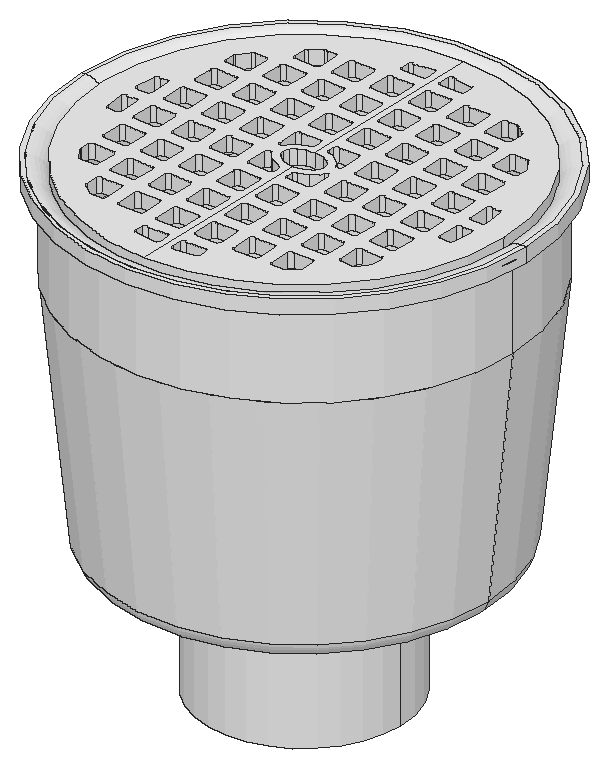
Revit family "Receptor_Sani-Flor_8_Inch_Round_6_Inch_Sump-Zurn-Z1960", category Plumbing Fixtures, Revit 2022 (continued)
Definition of nested family "Z1960-Grate"
  Lines and regions (in)
    symbolic lines, detail levels fine
      curve 543: line (1.89062, -1.48438, 0) -> (1.54687, -1.48438, 0)
      curve 544: arc (1.54687, -1.48438, 0) -> (1.50268, -1.50268, 0) -> (1.48437, -1.54688, 0) r 0.0625
      curve 545: line (1.48437, -1.54688, 0) -> (1.48437, -1.89063, 0)
      curve 546: arc (1.48437, -1.89063, 0) -> (1.50268, -1.93482, 0) -> (1.54687, -1.95313, 0) r 0.0625
      curve 547: line (1.54687, -1.95313, 0) -> (1.89062, -1.95313, 0)
      curve 548: arc (1.89062, -1.95313, 0) -> (1.93482, -1.93482, 0) -> (1.95312, -1.89063, 0) r 0.0625
      curve 549: line (1.95312, -1.89063, 0) -> (1.95312, -1.54688, 0)
      curve 550: arc (1.95312, -1.54688, 0) -> (1.93482, -1.50268, 0) -> (1.89062, -1.48438, 0) r 0.0625
      curve 551: line (3.08897, -0.10937, 0) -> (2.92187, -0.10937, 0)
      curve 552: arc (2.92187, -0.10937, 0) -> (2.87768, -0.12768, 0) -> (2.85937, -0.17187, 0) r 0.0625
      curve 553: arc (3.15138, -0.17535, 0) -> (3.13438, -0.12893, 0) -> (3.08897, -0.10937, 0) r 0.0625
      curve 554: arc (3.1121, -0.52604, 0) -> (3.13664, -0.35124, 0) -> (3.15138, -0.17535, 0) r 3.15625
      curve 555: line (2.85937, -0.17187, 0) -> (2.85937, -0.51562, 0)
      curve 556: arc (2.85937, -0.51562, 0) -> (2.87768, -0.55982, 0) -> (2.92187, -0.57812, 0) r 0.0625
      curve 557: arc (3.05048, -0.57812, 0) -> (3.09082, -0.56336, 0) -> (3.1121, -0.52604, 0) r 0.0625
      curve 558: line (2.92187, -0.57812, 0) -> (3.05048, -0.57812, 0)
      curve 559: arc (-0.33433, -0.28072, 0) -> (-0.40736, -0.21858, 0) -> (-0.46399, -0.1412, 0) r 0.4106
      curve 560: arc (-0.15812, -0.35652, 0) -> (-0.24968, -0.32664, 0) -> (-0.33433, -0.28072, 0) r 0.53073
      curve 561: arc (-0.10937, -0.41749, 0) -> (-0.12305, -0.37846, 0) -> (-0.15812, -0.35652, 0) r 0.0625
      curve 562: line (-0.10937, -0.51563, 0) -> (-0.10937, -0.41749, 0)
      curve 563: arc (-0.17188, -0.57814, 0) -> (-0.12768, -0.55983, 0) -> (-0.10937, -0.51563, 0) r 0.06251
      curve 564: line (-0.51566, -0.57814, 0) -> (-0.17188, -0.57814, 0)
      curve 565: arc (-0.5782, -0.51561, 0) -> (-0.55988, -0.55983, 0) -> (-0.51566, -0.57814, 0) r 0.06254
      curve 566: line (-0.5782, -0.17191, 0) -> (-0.5782, -0.51561, 0)
      curve 567: arc (-0.5159, -0.10961, 0) -> (-0.55995, -0.12786, 0) -> (-0.5782, -0.17191, 0) r 0.0623
      curve 568: arc (-0.46399, -0.1412, 0) -> (-0.48583, -0.11865, 0) -> (-0.5159, -0.10961, 0) r 0.06231
      curve 569: line (1.20312, -0.10937, 0) -> (0.85937, -0.10937, 0)
      curve 570: arc (0.85937, -0.10937, 0) -> (0.81518, -0.12768, 0) -> (0.79687, -0.17187, 0) r 0.0625
      curve 571: arc (1.26562, -0.17187, 0) -> (1.24732, -0.12768, 0) -> (1.20312, -0.10937, 0) r 0.0625
      curve 572: line (1.26562, -0.51562, 0) -> (1.26562, -0.17187, 0)
      curve 573: line (0.79687, -0.17187, 0) -> (0.79687, -0.51562, 0)
      curve 574: arc (0.79687, -0.51562, 0) -> (0.81518, -0.55982, 0) -> (0.85937, -0.57812, 0) r 0.0625
      curve 575: arc (1.20312, -0.57812, 0) -> (1.24732, -0.55982, 0) -> (1.26562, -0.51562, 0) r 0.0625
      curve 576: line (0.85937, -0.57812, 0) -> (1.20312, -0.57812, 0)
      curve 577: line (1.89062, -0.10938, 0) -> (1.54687, -0.10938, 0)
      curve 578: arc (1.54687, -0.10938, 0) -> (1.50268, -0.12768, 0) -> (1.48437, -0.17188, 0) r 0.0625
      curve 579: arc (1.95312, -0.17187, 0) -> (1.93482, -0.12768, 0) -> (1.89062, -0.10937, 0) r 0.0625
      curve 580: line (1.95312, -0.51563, 0) -> (1.95312, -0.17187, 0)
      curve 581: line (1.48437, -0.17188, 0) -> (1.48437, -0.51563, 0)
      curve 582: arc (1.48437, -0.51563, 0) -> (1.50268, -0.55982, 0) -> (1.54687, -0.57813, 0) r 0.0625
      curve 583: arc (1.89062, -0.57813, 0) -> (1.93482, -0.55982, 0) -> (1.95312, -0.51563, 0) r 0.0625
      curve 584: line (1.54687, -0.57813, 0) -> (1.89062, -0.57813, 0)
      curve 585: arc (2.23437, -0.10938, 0) -> (2.19018, -0.12768, 0) -> (2.17187, -0.17188, 0) r 0.0625
      curve 586: arc (2.64062, -0.17188, 0) -> (2.62232, -0.12768, 0) -> (2.57812, -0.10938, 0) r 0.0625
      curve 587: line (2.64062, -0.51563, 0) -> (2.64062, -0.17188, 0)
      curve 588: line (2.17187, -0.17188, 0) -> (2.17187, -0.51563, 0)
      curve 589: arc (2.17187, -0.51563, 0) -> (2.19018, -0.55982, 0) -> (2.23437, -0.57813, 0) r 0.0625
      curve 590: arc (2.57812, -0.57813, 0) -> (2.62232, -0.55982, 0) -> (2.64062, -0.51563, 0) r 0.0625
      curve 591: line (2.23437, -0.57813, 0) -> (2.57812, -0.57813, 0)
  Dimensions and locks (in)
    Revolve 1 sketch curve to plane 1 "Center (Front/Back)" = 3.99606"
    "A1": plane 4 to plane 1 "Center (Front/Back)"
    "A1": plane 1 "Center (Front/Back)" to plane 5
    locked: level to cut or joined group of Revolve 1, Extrusion 2 at 0.25  (x3)
    aligned and locked: level to plane 2
    aligned and locked: Revolve 1 to Extrusion 2
  Automatic sketch dimensions
    Revolve 1 sketch curve to level = 0.000"
    Revolve 1 sketch curve to plane 1 "Center (Front/Back)" = 0.000"  (x2)
    Extrusion 2 sketch curve to Extrusion 2 sketch curve = 0.000"  (x154)
    plane 1 "Center (Front/Back)" to Extrusion 2 sketch curve = 0.000"  (x5)
    Extrusion 2 sketch curve to plane 1 "Center (Front/Back)" = 0.17187"  (x3)
    Extrusion 2 sketch curve to plane 3 "Center (Left/Right)" = 3.08897"
    Extrusion 2 sketch curve to Extrusion 2 sketch curve = 0.03849"  (x2)
    Extrusion 2 sketch curve to Extrusion 2 sketch curve = 0.1671"  (x8)
    Extrusion 2 sketch curve to Extrusion 2 sketch curve = 0.1286"  (x8)
    Extrusion 2 sketch curve to Extrusion 2 sketch curve = 0.0625"  (x199)
    Extrusion 2 sketch curve to Extrusion 2 sketch curve = 0.28125"  (x3)
    Extrusion 2 sketch curve to Extrusion 2 sketch curve = 0.21875"  (x84)
    Extrusion 2 sketch curve to Extrusion 2 sketch curve = 0.12928"  (x5)
    Extrusion 2 sketch curve to Extrusion 2 sketch curve = 0.34375"  (x74)
    plane 1 "Center (Front/Back)" to Extrusion 2 sketch curve = 0.17187"  (x5)
    Extrusion 2 sketch curve to Extrusion 2 sketch curve = 0.21447"  (x8)
    Extrusion 2 sketch curve to plane 1 "Center (Front/Back)" = 0.10937"  (x6)
    Extrusion 2 sketch curve to Extrusion 2 sketch curve = 0.18049"  (x5)
    Extrusion 2 sketch curve to Extrusion 2 sketch curve = 0.16326"  (x8)
    plane 1 "Center (Front/Back)" to Extrusion 2 sketch curve = 0.10937"  (x3)
    Extrusion 2 sketch curve to Extrusion 2 sketch curve = 0.21868"  (x4)
    Extrusion 2 sketch curve to Extrusion 2 sketch curve = 0.21975"  (x4)
    Extrusion 2 sketch curve to Extrusion 2 sketch curve = 0.05998"  (x3)
    Extrusion 2 sketch curve to Extrusion 2 sketch curve = 0.00232"  (x4)
    Extrusion 2 sketch curve to Extrusion 2 sketch curve = 0.06254"  (x3)
    Extrusion 2 sketch curve to plane 3 "Center (Left/Right)" = 0.17188"  (x2)
    Extrusion 2 sketch curve to plane 3 "Center (Left/Right)" = 0.17187"  (x10)
    Extrusion 2 sketch curve to Extrusion 2 sketch curve = 0.00001"  (x2)
    Extrusion 2 sketch curve to plane 3 "Center (Left/Right)" = 0.17088"  (x4)
    Extrusion 2 sketch curve to Extrusion 2 sketch curve = 0.06251"  (x3)
    Extrusion 2 sketch curve to plane 3 "Center (Left/Right)" = 0.10659"  (x2)
    Extrusion 2 sketch curve to plane 3 "Center (Left/Right)" = 0.03996"  (x2)
    plane 3 "Center (Left/Right)" to Extrusion 2 sketch curve = 0.000"  (x3)
    plane 3 "Center (Left/Right)" to Extrusion 2 sketch curve = 0.03996"  (x2)
    plane 1 "Center (Front/Back)" to Extrusion 2 sketch curve = 0.06094"  (x2)
    plane 3 "Center (Left/Right)" to Extrusion 2 sketch curve = 0.10659"  (x2)
    Extrusion 2 sketch curve to plane 1 "Center (Front/Back)" = 0.06094"  (x2)
    plane 3 "Center (Left/Right)" to Extrusion 2 sketch curve = 0.10838"  (x2)
    plane 3 "Center (Left/Right)" to Extrusion 2 sketch curve = 0.10937"  (x8)
    Extrusion 2 sketch curve to Extrusion 2 sketch curve = 0.001"  (x4)
    Extrusion 2 sketch curve to Extrusion 2 sketch curve = 0.00004"  (x2)
    plane 1 "Center (Front/Back)" to Extrusion 2 sketch curve = 0.17191"  (x2)
    Extrusion 2 sketch curve to Extrusion 2 sketch curve = 0.00024"
    Extrusion 2 sketch curve to Extrusion 2 sketch curve = 0.35655"
    Extrusion 2 sketch curve to Extrusion 2 sketch curve = 0.3437"  (x3)
    Extrusion 2 sketch curve to Extrusion 2 sketch curve = 0.34373"
    Extrusion 2 sketch curve to Extrusion 2 sketch curve = 0.00002"  (x2)
    Extrusion 2 sketch curve to Extrusion 2 sketch curve = 0.21873"  (x4)
    Extrusion 2 sketch curve to Extrusion 2 sketch curve = 0.00003"  (x4)
    Extrusion 2 sketch curve to Extrusion 2 sketch curve = 0.09996"  (x2)
    Extrusion 2 sketch curve to plane 1 "Center (Front/Back)" = 0.17188"  (x2)
    Extrusion 2 sketch curve to Extrusion 2 sketch curve = 0.25659"
    Extrusion 2 sketch curve to Extrusion 2 sketch curve = 0.01375"  (x2)
    Extrusion 2 sketch curve to Extrusion 2 sketch curve = 0.10694"
    Extrusion 2 sketch curve to Extrusion 2 sketch curve = 0.00891"  (x4)
    Extrusion 2 sketch curve to Extrusion 2 sketch curve = 0.12674"
    Extrusion 2 sketch curve to Extrusion 2 sketch curve = 0.00227"  (x4)
    Extrusion 2 sketch curve to Extrusion 2 sketch curve = 0.06917"  (x3)
    Extrusion 2 sketch curve to Extrusion 2 sketch curve = 0.00009"  (x4)
    Extrusion 2 sketch curve to Extrusion 2 sketch curve = 0.0842"  (x2)
    Extrusion 2 sketch curve to Extrusion 2 sketch curve = 0.02564"
    Extrusion 2 sketch curve to plane 1 "Center (Front/Back)" = 0.08983"
    Extrusion 2 sketch curve to Extrusion 2 sketch curve = 0.00327"
    Extrusion 2 sketch curve to Extrusion 2 sketch curve = 0.06055"
    plane 1 "Center (Front/Back)" to Extrusion 2 sketch curve = 0.08983"  (x2)
    curve 1 to curve 33 = 0.000"
    curve 1 to curve 43 = 0.000"
    curve 1 to curve 109 = 0.000"
    curve 1 to curve 273 = 0.000"
    curve 1 to curve 382 = 0.000"
    curve 1 to curve 395 = 0.000"
    curve 1 to curve 399 = 0.000"  (x2)
    curve 9 to curve 202 = 0.000"
    curve 9 to curve 225 = 0.000"
    curve 9 to curve 259 = 0.000"
    curve 9 to curve 281 = 0.000"  (x2)
    curve 9 to curve 465 = 0.000"  (x2)
    curve 9 to curve 475 = 0.000"  (x2)
    curve 9 to curve 554 = 0.000"  (x2)
    curve 161 to curve 165 = 0.000"
    curve 164 to curve 176 = 0.000"
    curve 168 to curve 169 = 0.000"
    curve 172 to curve 173 = 0.000"  (x2)
    curve 202 to curve 225 = 0.000"
    curve 202 to curve 259 = 0.000"
    curve 202 to curve 475 = 0.000"
    plane 1 "Center (Front/Back)" to curve 164 = 0.000"
    plane 1 "Center (Front/Back)" to curve 554 = 0.000"
    curve 173 to plane 3 "Center (Left/Right)" = 0.000"
    plane 1 "Center (Front/Back)" to curve 169 = 0.000"
    curve 281 to plane 3 "Center (Left/Right)" = 0.000"
    curve 144 to plane 3 "Center (Left/Right)" = 0.03996"
    curve 560 to plane 3 "Center (Left/Right)" = 0.03996"
    curve 162 to curve 144 = 0.00227"
    curve 174 to curve 560 = 0.00227"
    curve 559 to plane 3 "Center (Left/Right)" = 0.10659"
    curve 143 to plane 3 "Center (Left/Right)" = 0.10659"
    curve 175 to curve 559 = 0.00009"
    curve 163 to curve 143 = 0.00009"
    curve 315 to plane 3 "Center (Left/Right)" = 0.10838"
    curve 75 to plane 3 "Center (Left/Right)" = 0.10838"
    curve 562 to plane 3 "Center (Left/Right)" = 0.10937"
    curve 146 to plane 3 "Center (Left/Right)" = 0.10937"
    curve 23 to plane 3 "Center (Left/Right)" = 0.10937"
    curve 275 to plane 3 "Center (Left/Right)" = 0.10937"
    curve 347 to plane 3 "Center (Left/Right)" = 0.10937"
    curve 80 to plane 3 "Center (Left/Right)" = 0.10937"
    curve 291 to plane 3 "Center (Left/Right)" = 0.10937"
    curve 7 to plane 3 "Center (Left/Right)" = 0.10937"
    curve 309 to curve 315 = 0.0625"
    curve 76 to curve 76 = 0.0625"
    curve 74 to curve 74 = 0.0625"
    curve 313 to curve 314 = 0.0625"
    curve 145 to curve 146 = 0.0625"
    curve 561 to curve 561 = 0.0625"
    curve 21 to curve 22 = 0.0625"
    curve 79 to curve 79 = 0.0625"
    curve 348 to curve 347 = 0.0625"
    curve 276 to curve 275 = 0.0625"
    curve 274 to curve 274 = 0.0625"
    curve 24 to curve 23 = 0.0625"
    curve 346 to curve 346 = 0.0625"
    curve 289 to curve 291 = 0.0625"
    curve 8 to curve 7 = 0.0625"
    curve 292 to curve 291 = 0.0625"
    curve 6 to curve 6 = 0.0625"
    curve 84 to curve 84 = 0.0625"
    curve 563 to curve 563 = 0.06251"
    curve 147 to curve 146 = 0.06251"
    curve 176 to curve 175 = 0.0981"
    curve 69 to curve 74 = 0.34375"
    curve 312 to curve 314 = 0.34375"
    curve 310 to curve 316 = 0.34375"
    curve 72 to curve 76 = 0.34375"
    curve 21 to curve 71 = 0.001"
    curve 272 to curve 274 = 0.34375"
    curve 285 to curve 312 = 0.001"
    curve 345 to curve 310 = 0.001"
    curve 18 to curve 24 = 0.34375"
    curve 270 to curve 272 = 0.000"
    curve 77 to curve 73 = 0.001"
    curve 2 to curve 8 = 0.34375"
    curve 341 to curve 341 = 0.34375"
    curve 4 to curve 2 = 0.000"
    curve 289 to curve 269 = 0.000"
    curve 83 to curve 84 = 0.34375"
    curve 148 to curve 83 = 0.00004"
    curve 564 to curve 341 = 0.00004"
    curve 141 to curve 149 = 0.00024"
    curve 567 to curve 142 = 0.000"
    curve 142 to curve 141 = 0.00232"
    curve 568 to curve 567 = 0.00232"
    curve 70 to curve 69 = 0.0625"
    curve 311 to curve 312 = 0.0625"
    curve 287 to curve 286 = 0.0625"
    curve 271 to curve 270 = 0.0625"
    curve 19 to curve 20 = 0.0625"
    curve 81 to curve 78 = 0.0625"
    curve 343 to curve 342 = 0.0625"
    curve 3 to curve 4 = 0.0625"
    curve 566 to curve 568 = 0.05998"
    curve 150 to curve 142 = 0.05998"
    curve 64 to curve 70 = 0.21975"
    curve 85 to curve 81 = 0.21875"
    curve 135 to curve 149 = 0.21868"
    curve 28 to curve 18 = 0.21875"
    curve 363 to curve 566 = 0.21868"
    curve 355 to curve 342 = 0.21875"
    curve 299 to curve 287 = 0.21875"
    curve 307 to curve 311 = 0.21975"
    curve 356 to curve 355 = 0.0625"
    curve 308 to curve 307 = 0.0625"
    curve 305 to curve 306 = 0.0625"
    curve 300 to curve 299 = 0.0625"
    curve 357 to curve 363 = 0.0625"
    curve 92 to curve 85 = 0.0625"
    curve 354 to curve 354 = 0.0625"
    curve 138 to curve 133 = 0.0625"
    curve 68 to curve 67 = 0.0625"
    curve 87 to curve 85 = 0.0625"
    curve 25 to curve 28 = 0.0625"
    curve 63 to curve 64 = 0.0625"
    curve 136 to curve 135 = 0.0625"
    curve 31 to curve 28 = 0.0625"
    curve 362 to curve 362 = 0.0625"
    curve 298 to curve 298 = 0.0625"
    curve 297 to curve 298 = 0.34375"
    curve 360 to curve 362 = 0.34375"
    curve 31 to curve 32 = 0.34375"
    curve 61 to curve 30 = 0.000"
    curve 26 to curve 27 = 0.34375"
    curve 301 to curve 301 = 0.34375"
    curve 136 to curve 134 = 0.34375"
    curve 66 to curve 62 = 0.000"
    curve 86 to curve 66 = 0.000"
    curve 90 to curve 136 = 0.000"
    curve 349 to curve 361 = 0.000"
    curve 138 to plane 1 "Center (Front/Back)" = 0.10937"
    curve 138 to curve 133 = 0.34375"
    curve 352 to curve 302 = 0.000"
    curve 358 to curve 139 = 0.000"
    curve 304 to curve 306 = 0.34375"
    curve 293 to curve 305 = 0.000"
    curve 89 to curve 88 = 0.0625"
    curve 295 to curve 294 = 0.0625"
    curve 303 to curve 304 = 0.0625"
    curve 140 to curve 139 = 0.0625"
    curve 351 to curve 352 = 0.0625"
    curve 65 to curve 66 = 0.0625"
    curve 359 to curve 358 = 0.0625"
    curve 29 to curve 26 = 0.0625"
    curve 39 to curve 30 = 0.21875"
    curve 408 to curve 295 = 0.21875"
    curve 129 to curve 140 = 0.21875"
    curve 331 to curve 350 = 0.21875"
    curve 323 to curve 303 = 0.21875"
    curve 56 to curve 65 = 0.21875"
    curve 371 to curve 359 = 0.21875"
    curve 96 to curve 90 = 0.21875"
    curve 370 to curve 370 = 0.0625"
    curve 55 to curve 55 = 0.0625"
    curve 317 to curve 324 = 0.0625"
    curve 131 to curve 130 = 0.0625"
    curve 127 to curve 128 = 0.0625"
    curve 365 to curve 371 = 0.0625"
    curve 321 to curve 322 = 0.0625"
    curve 325 to curve 332 = 0.0625"
    curve 329 to curve 330 = 0.0625"
    curve 41 to curve 40 = 0.0625"
    curve 59 to curve 56 = 0.0625"
    curve 407 to curve 407 = 0.0625"
    curve 38 to curve 38 = 0.0625"
    curve 406 to curve 406 = 0.0625"
    curve 93 to curve 95 = 0.0625"
    curve 99 to curve 99 = 0.0625"
    curve 404 to curve 407 = 0.16326"
    curve 41 to curve 41 = 0.16326"
    curve 402 to curve 406 = 0.34375"
    curve 94 to curve 95 = 0.34375"
    curve 368 to curve 370 = 0.34375"
    curve 34 to curve 42 = 0.18049"
    curve 401 to curve 402 = 0.000"
    curve 328 to curve 330 = 0.34375"
    curve 37 to curve 34 = 0.000"
    curve 98 to curve 99 = 0.34375"
    curve 60 to curve 94 = 0.000"
    curve 326 to curve 368 = 0.000"
    curve 126 to curve 98 = 0.000"
    curve 317 to curve 328 = 0.000"
    curve 321 to curve 402 = 0.000"
    plane 1 "Center (Front/Back)" to curve 366 = 0.17187"
    curve 366 to curve 372 = 0.34375"
    curve 53 to curve 36 = 0.000"
    curve 131 to plane 1 "Center (Front/Back)" = 0.10937"
    curve 131 to curve 366 = 0.000"
    curve 367 to curve 366 = 0.0625"
    curve 125 to curve 132 = 0.0625"
    curve 57 to curve 54 = 0.0625"
    curve 400 to curve 401 = 0.0625"
    curve 319 to curve 318 = 0.0625"
    curve 327 to curve 326 = 0.0625"
    curve 97 to curve 94 = 0.0625"
    curve 35 to curve 36 = 0.0625"
    curve 105 to curve 98 = 0.21875"
    curve 121 to curve 132 = 0.21875"
    curve 393 to curve 318 = 0.21875"
    curve 339 to curve 326 = 0.21875"
    curve 47 to curve 54 = 0.21875"
    curve 377 to curve 366 = 0.21875"
    curve 379 to curve 377 = 0.0625"
    curve 397 to curve 393 = 0.0625"
    curve 389 to curve 391 = 0.0625"
    curve 337 to curve 338 = 0.0625"
    curve 340 to curve 339 = 0.0625"
    curve 49 to curve 47 = 0.0625"
    curve 108 to curve 105 = 0.0625"
    curve 376 to curve 376 = 0.0625"
    curve 46 to curve 46 = 0.0625"
    curve 122 to curve 121 = 0.0625"
    curve 120 to curve 120 = 0.0625"
    curve 102 to curve 102 = 0.0625"
    curve 396 to curve 397 = 0.21447"
    curve 44 to curve 46 = 0.21447"
    curve 379 to curve 378 = 0.34375"
    curve 101 to curve 102 = 0.34375"
    plane 1 "Center (Front/Back)" to curve 374 = 0.17187"
    curve 374 to curve 380 = 0.000"
    curve 124 to curve 375 = 0.000"
    curve 107 to curve 103 = 0.000"
    curve 119 to curve 107 = 0.000"
    curve 50 to curve 101 = 0.000"
    curve 337 to curve 338 = 0.34375"
    curve 333 to curve 379 = 0.000"
    curve 394 to curve 396 = 0.12928"
    curve 52 to curve 50 = 0.000"
    curve 390 to curve 394 = 0.000"
    curve 335 to curve 336 = 0.0625"
    curve 392 to curve 390 = 0.0625"
    curve 51 to curve 52 = 0.0625"
    curve 117 to curve 124 = 0.0625"
    curve 373 to curve 380 = 0.0625"
    curve 104 to curve 103 = 0.0625"
    curve 113 to curve 124 = 0.21875"
    curve 386 to curve 373 = 0.21875"
    curve 388 to curve 386 = 0.0625"
    curve 111 to curve 112 = 0.0625"
    curve 385 to curve 385 = 0.0625"
    curve 115 to curve 114 = 0.0625"
    curve 111 to curve 111 = 0.1286"
    curve 384 to curve 385 = 0.1286"
    curve 115 to plane 1 "Center (Front/Back)" = 0.10937"
    curve 115 to curve 114 = 0.1671"
    curve 388 to curve 387 = 0.1671"
    plane 3 "Center (Left/Right)" to curve 173 = 0.000"
    plane 3 "Center (Left/Right)" to curve 33 = 0.000"
    plane 3 "Center (Left/Right)" to curve 161 = 0.000"
    plane 3 "Center (Left/Right)" to curve 159 = 0.03996"
    plane 3 "Center (Left/Right)" to curve 486 = 0.03996"
    curve 486 to curve 171 = 0.00227"
    curve 159 to curve 166 = 0.00227"
    plane 3 "Center (Left/Right)" to curve 485 = 0.10659"
    plane 3 "Center (Left/Right)" to curve 158 = 0.10659"
    curve 485 to curve 170 = 0.00009"
    curve 158 to curve 167 = 0.00009"
    plane 3 "Center (Left/Right)" to curve 529 = 0.10838"
    plane 3 "Center (Left/Right)" to curve 238 = 0.10838"
    plane 3 "Center (Left/Right)" to curve 488 = 0.10937"
    plane 3 "Center (Left/Right)" to curve 151 = 0.10937"
    plane 3 "Center (Left/Right)" to curve 15 = 0.10937"
    plane 3 "Center (Left/Right)" to curve 419 = 0.10937"
    plane 3 "Center (Left/Right)" to curve 283 = 0.10937"
    plane 3 "Center (Left/Right)" to curve 499 = 0.10937"
    plane 3 "Center (Left/Right)" to curve 213 = 0.10937"
    plane 3 "Center (Left/Right)" to curve 454 = 0.10937"
    curve 236 to curve 236 = 0.0625"
    curve 528 to curve 527 = 0.0625"
    curve 530 to curve 530 = 0.0625"
    curve 241 to curve 242 = 0.0625"
    curve 487 to curve 487 = 0.0625"
    curve 151 to curve 160 = 0.0625"
    curve 210 to curve 209 = 0.0625"
    curve 282 to curve 282 = 0.0625"
    curve 16 to curve 16 = 0.0625"
    curve 496 to curve 496 = 0.0625"
    curve 500 to curve 501 = 0.0625"
    curve 14 to curve 14 = 0.0625"
    curve 450 to curve 449 = 0.0625"
    curve 420 to curve 421 = 0.0625"
    curve 418 to curve 418 = 0.0625"
    curve 213 to curve 215 = 0.0625"
    curve 284 to curve 284 = 0.0625"
    curve 454 to curve 455 = 0.0625"
    curve 152 to curve 152 = 0.06251"
    curve 489 to curve 490 = 0.06251"
    curve 167 to curve 169 = 0.0981"
    curve 527 to curve 527 = 0.34375"
    curve 530 to curve 532 = 0.34375"
    curve 241 to curve 242 = 0.34375"
    curve 237 to curve 240 = 0.000"
    curve 242 to curve 497 = 0.001"
    curve 210 to curve 211 = 0.34375"
    curve 534 to curve 422 = 0.001"
    curve 417 to curve 417 = 0.34375"
    curve 235 to curve 215 = 0.001"
    curve 456 to curve 456 = 0.34375"
    curve 532 to curve 451 = 0.001"
    curve 277 to curve 453 = 0.000"
    curve 13 to curve 211 = 0.000"
    curve 280 to curve 278 = 0.000"
    curve 10 to curve 12 = 0.000"
    curve 501 to curve 501 = 0.34375"
    curve 424 to curve 490 = 0.00004"
    curve 502 to curve 154 = 0.00004"
    plane 1 "Center (Front/Back)" to curve 493 = 0.17191"
    curve 491 to curve 493 = 0.00024"
    curve 156 to curve 494 = 0.000"
    curve 156 to curve 157 = 0.00232"
    curve 493 to curve 494 = 0.00232"
    curve 532 to curve 533 = 0.0625"
    curve 240 to curve 239 = 0.0625"
    curve 502 to curve 498 = 0.0625"
    curve 280 to curve 279 = 0.0625"
    curve 422 to curve 423 = 0.0625"
    curve 453 to curve 452 = 0.0625"
    curve 211 to curve 212 = 0.0625"
    curve 10 to curve 11 = 0.0625"
    curve 491 to curve 492 = 0.06254"
    curve 154 to curve 155 = 0.06254"
    curve 422 to curve 411 = 0.21875"
    curve 451 to curve 461 = 0.21875"
    curve 239 to curve 247 = 0.21975"
    curve 492 to curve 573 = 0.21868"
    curve 178 to plane 1 "Center (Front/Back)" = 0.17187"
    curve 155 to curve 178 = 0.21868"
    curve 498 to curve 507 = 0.21875"
    curve 532 to curve 537 = 0.21975"
    curve 211 to curve 221 = 0.21875"
    curve 222 to curve 222 = 0.0625"
    curve 220 to curve 220 = 0.0625"
    curve 537 to curve 538 = 0.0625"
    curve 177 to curve 181 = 0.0625"
    curve 573 to curve 574 = 0.0625"
    curve 461 to curve 462 = 0.0625"
    curve 248 to curve 248 = 0.0625"
    curve 504 to curve 504 = 0.0625"
    curve 508 to curve 509 = 0.0625"
    curve 458 to curve 457 = 0.0625"
    curve 536 to curve 536 = 0.0625"
    curve 411 to curve 409 = 0.0625"
    curve 570 to curve 570 = 0.0625"
    curve 411 to curve 412 = 0.0625"
    curve 179 to curve 180 = 0.0625"
    curve 243 to curve 243 = 0.0625"
    curve 243 to curve 244 = 0.34375"
    curve 410 to curve 416 = 0.34375"
    curve 536 to curve 535 = 0.34375"
    curve 414 to curve 542 = 0.000"
    curve 458 to curve 457 = 0.34375"
    curve 509 to curve 509 = 0.34375"
    curve 503 to curve 503 = 0.34375"
    curve 224 to curve 244 = 0.000"
    curve 183 to plane 1 "Center (Front/Back)" = 0.17187"
    curve 179 to curve 183 = 0.34375"
    curve 576 to curve 416 = 0.000"
    curve 220 to curve 219 = 0.34375"
    curve 182 to curve 184 = 0.0625"
    curve 539 to curve 459 = 0.000"
    curve 571 to curve 183 = 0.000"
    curve 462 to curve 463 = 0.34375"
    curve 250 to curve 505 = 0.000"
    curve 459 to curve 460 = 0.0625"
    curve 505 to curve 506 = 0.0625"
    curve 542 to curve 541 = 0.0625"
    curve 575 to curve 572 = 0.0625"
    curve 245 to curve 246 = 0.0625"
    curve 223 to curve 217 = 0.0625"
    curve 414 to curve 415 = 0.0625"
    curve 575 to curve 581 = 0.21875"
    curve 217 to curve 233 = 0.21875"
    curve 540 to curve 545 = 0.21875"
    curve 246 to curve 251 = 0.21875"
    curve 182 to curve 185 = 0.21875"
    curve 415 to curve 435 = 0.21875"
    curve 460 to curve 474 = 0.21875"
    curve 505 to curve 515 = 0.21875"
    curve 582 to curve 584 = 0.0625"
    curve 516 to curve 516 = 0.0625"
    curve 185 to curve 192 = 0.0625"
    curve 233 to curve 231 = 0.0625"
    curve 233 to curve 234 = 0.0625"
    curve 474 to curve 468 = 0.0625"
    curve 251 to curve 255 = 0.0625"
    curve 512 to curve 512 = 0.0625"
    curve 546 to curve 547 = 0.0625"
    curve 186 to curve 186 = 0.0625"
    curve 473 to curve 472 = 0.0625"
    curve 436 to curve 437 = 0.0625"
    curve 434 to curve 434 = 0.0625"
    curve 578 to curve 578 = 0.0625"
    curve 545 to curve 543 = 0.0625"
    curve 253 to curve 253 = 0.0625"
    curve 468 to curve 468 = 0.16326"
    curve 234 to curve 227 = 0.16326"
    curve 190 to plane 1 "Center (Front/Back)" = 0.17187"
    curve 192 to curve 190 = 0.34375"
    curve 253 to curve 258 = 0.34375"
    curve 186 to curve 188 = 0.34375"
    curve 256 to curve 258 = 0.000"
    curve 546 to curve 547 = 0.34375"
    curve 577 to curve 190 = 0.000"
    curve 543 to curve 543 = 0.34375"
    curve 437 to curve 550 = 0.000"
    curve 472 to curve 548 = 0.000"
    curve 511 to curve 254 = 0.000"
    curve 518 to curve 188 = 0.000"
    curve 466 to curve 471 = 0.000"
    curve 433 to curve 433 = 0.34375"
    curve 583 to curve 433 = 0.000"
    curve 231 to curve 255 = 0.000"
    curve 228 to curve 230 = 0.000"
    curve 579 to curve 580 = 0.0625"
    curve 550 to curve 549 = 0.0625"
    curve 256 to curve 257 = 0.0625"
    curve 190 to curve 189 = 0.0625"
    curve 228 to curve 229 = 0.0625"
    curve 471 to curve 470 = 0.0625"
    curve 518 to curve 514 = 0.0625"
    curve 438 to curve 439 = 0.0625"
    curve 580 to curve 443 = 0.21875"
    curve 189 to curve 195 = 0.21875"
    curve 438 to curve 427 = 0.21875"
    curve 257 to curve 266 = 0.21875"
    curve 513 to curve 523 = 0.21875"
    curve 550 to curve 479 = 0.21875"
    curve 480 to curve 481 = 0.0625"
    curve 265 to curve 264 = 0.0625"
    curve 267 to curve 268 = 0.0625"
    curve 524 to curve 525 = 0.0625"
    curve 478 to curve 478 = 0.0625"
    curve 444 to curve 591 = 0.0625"
    curve 193 to curve 193 = 0.0625"
    curve 426 to curve 425 = 0.0625"
    curve 198 to curve 200 = 0.0625"
    curve 442 to curve 585 = 0.0625"
    curve 427 to curve 428 = 0.0625"
    curve 520 to curve 520 = 0.0625"
    curve 267 to curve 260 = 0.21447"
    curve 477 to curve 477 = 0.21447"
    curve 442 to curve 448 = 0.34375"
    curve 265 to curve 264 = 0.34375"
    curve 426 to curve 425 = 0.34375"
    curve 446 to curve 432 = 0.000"
    curve 480 to curve 481 = 0.34375"
    curve 429 to curve 482 = 0.000"
    curve 524 to curve 526 = 0.34375"
    curve 200 to plane 1 "Center (Front/Back)" = 0.10937"
    curve 200 to curve 586 = 0.000"
    curve 261 to curve 263 = 0.000"
    curve 521 to curve 264 = 0.000"
    curve 194 to curve 525 = 0.000"
    curve 484 to curve 482 = 0.000"
    curve 590 to curve 587 = 0.0625"
    curve 430 to curve 431 = 0.0625"
    curve 521 to curve 522 = 0.0625"
    curve 261 to curve 262 = 0.0625"
    curve 199 to curve 197 = 0.0625"
    curve 484 to curve 483 = 0.0625"
    curve 448 to curve 555 = 0.21875"
    curve 199 to curve 206 = 0.21875"
    curve 205 to curve 205 = 0.0625"
    curve 556 to curve 556 = 0.0625"
    curve 207 to curve 208 = 0.0625"
    curve 552 to curve 552 = 0.0625"
    curve 205 to curve 204 = 0.1286"
    curve 558 to curve 558 = 0.1286"
    curve 207 to curve 201 = 0.1671"
    curve 552 to curve 551 = 0.1671"
    plane 1 "Center (Front/Back)" to curve 165 = 0.31055"
    curve 561 to curve 161 = 0.10694"
    curve 488 to curve 161 = 0.10694"
    curve 491 to curve 493 = 0.3437"
    curve 566 to curve 561 = 0.09812"
    plane 1 "Center (Front/Back)" to curve 444 = 0.51563"
    curve 583 to curve 588 = 0.000"
    curve 572 to curve 581 = 0.000"
    curve 590 to curve 557 = 0.000"
    curve 359 to curve 372 = 0.34375"
    curve 373 to curve 374 = 0.34375"
    curve 556 to curve 557 = 0.000"
    curve 386 to curve 373 = 0.000"
    curve 377 to curve 367 = 0.000"
    curve 383 to curve 383 = 0.0625"
    curve 333 to curve 379 = 0.21875"
    curve 417 to curve 490 = 0.21873"
    curve 325 to curve 368 = 0.21875"
    curve 409 to curve 575 = 0.21875"
    curve 425 to curve 445 = 0.21875"
    curve 433 to curve 583 = 0.21875"
    curve 341 to curve 563 = 0.21873"
    curve 349 to curve 361 = 0.21875"
    curve 412 to curve 410 = 0.34375"
    curve 423 to curve 411 = 0.000"
    curve 428 to curve 426 = 0.34375"
    curve 439 to curve 427 = 0.000"
    curve 355 to curve 355 = 0.34375"
    curve 327 to curve 326 = 0.34375"
    curve 347 to curve 419 = 0.000"
    curve 335 to curve 334 = 0.34375"
    curve 481 to curve 429 = 0.21875"
    curve 535 to curve 413 = 0.21875"
    curve 301 to curve 353 = 0.21875"
    curve 309 to curve 344 = 0.21875"
    curve 317 to curve 329 = 0.21875"
    curve 527 to curve 420 = 0.21875"
    curve 543 to curve 436 = 0.21875"
    curve 389 to curve 336 = 0.21875"
    curve 484 to curve 482 = 0.16326"
    curve 392 to curve 390 = 0.16326"
    curve 311 to curve 310 = 0.34375"
    curve 320 to curve 318 = 0.34375"
    curve 532 to curve 534 = 0.34375"
    curve 548 to curve 550 = 0.34375"
    curve 548 to curve 478 = 0.000"
    curve 541 to curve 545 = 0.000"
    curve 476 to curve 476 = 0.0625"
    curve 397 to curve 319 = 0.000"
    curve 396 to curve 396 = 0.0625"
    curve 307 to curve 311 = 0.000"
    curve 449 to curve 530 = 0.21875"
    curve 293 to curve 305 = 0.21875"
    curve 472 to curve 548 = 0.21875"
    curve 285 to curve 314 = 0.21875"
    curve 457 to curve 539 = 0.21875"
    curve 405 to curve 321 = 0.21875"
    curve 470 to curve 470 = 0.21447"
    curve 400 to curve 402 = 0.21447"
    curve 474 to curve 474 = 0.34375"
    curve 291 to curve 291 = 0.34375"
    curve 467 to curve 467 = 0.0625"
    curve 403 to curve 401 = 0.12928"
    curve 295 to curve 294 = 0.34375"
    curve 463 to curve 469 = 0.000"
    curve 403 to curve 407 = 0.000"
    curve 291 to curve 455 = 0.000"
    curve 269 to curve 290 = 0.21875"
    curve 277 to curve 455 = 0.21875"
    curve 280 to curve 278 = 0.1286"
    curve 272 to curve 270 = 0.1286"
    curve 274 to curve 276 = 0.1671"
    curve 283 to curve 284 = 0.1671"
    plane 1 "Center (Front/Back)" to curve 567 = 0.17191"
    curve 567 to curve 568 = 0.00003"
    curve 493 to curve 494 = 0.00003"
    plane 1 "Center (Front/Back)" to curve 552 = 0.17187"
    plane 1 "Center (Front/Back)" to curve 358 = 0.17187"
    curve 553 to curve 551 = 0.0625"
    plane 1 "Center (Front/Back)" to curve 579 = 0.17187"
    plane 1 "Center (Front/Back)" to curve 570 = 0.17187"
    plane 1 "Center (Front/Back)" to curve 588 = 0.17188"
    plane 1 "Center (Front/Back)" to curve 381 = 0.17187"
    curve 381 to curve 387 = 0.000"
    curve 161 to curve 144 = 0.14965"
    curve 144 to curve 159 = 0.000"
    curve 144 to curve 162 = 0.00327"
    curve 159 to curve 166 = 0.00327"
    plane 1 "Center (Front/Back)" to curve 163 = 0.06095"
    plane 1 "Center (Front/Back)" to curve 167 = 0.06095"
    curve 167 to curve 158 = 0.00001"
    curve 163 to curve 143 = 0.00001"
    curve 485 to plane 1 "Center (Front/Back)" = 0.06094"
    curve 559 to plane 1 "Center (Front/Back)" = 0.06094"
    curve 485 to curve 170 = 0.00001"
    curve 559 to curve 175 = 0.00001"
    curve 208 to plane 1 "Center (Front/Back)" = 0.10937"
    curve 123 to plane 1 "Center (Front/Back)" = 0.10937"
    curve 559 to curve 174 = 0.09669"
    curve 174 to curve 171 = 0.000"
    curve 174 to curve 560 = 0.00327"
    curve 171 to curve 486 = 0.00327"
    curve 201 to curve 201 = 0.0625"
    curve 115 to curve 116 = 0.0625"
    curve 157 to plane 1 "Center (Front/Back)" = 0.17188"
    curve 142 to plane 1 "Center (Front/Back)" = 0.17188"
    curve 142 to curve 150 = 0.00003"
    curve 157 to curve 156 = 0.00003"
    curve 486 to curve 173 = 0.14965"
    curve 173 to curve 145 = 0.10694"
    curve 173 to curve 160 = 0.10694"
    curve 141 to curve 150 = 0.3437"
    curve 155 to curve 155 = 0.3437"
    curve 198 to curve 193 = 0.34375"
    curve 189 to curve 195 = 0.000"
    curve 114 to curve 112 = 0.34375"
    curve 201 to curve 203 = 0.34375"
    curve 129 to curve 129 = 0.34375"
    curve 113 to curve 117 = 0.000"
    curve 110 to curve 110 = 0.0625"
    curve 149 to curve 134 = 0.00002"
    curve 205 to curve 203 = 0.000"
    curve 154 to curve 177 = 0.00002"
    curve 149 to curve 83 = 0.21873"
    curve 194 to curve 525 = 0.21875"
    curve 119 to curve 108 = 0.21875"
    curve 153 to curve 501 = 0.21873"
    curve 136 to curve 91 = 0.21875"
    curve 177 to curve 509 = 0.21875"
    curve 188 to curve 517 = 0.21875"
    curve 127 to curve 100 = 0.21875"
    curve 105 to curve 105 = 0.34375"
    curve 82 to curve 78 = 0.34375"
    curve 523 to curve 523 = 0.34375"
    curve 105 to curve 97 = 0.000"
    curve 515 to curve 515 = 0.34375"
    curve 96 to curve 89 = 0.000"
    curve 508 to curve 507 = 0.34375"
    curve 79 to curve 499 = 0.000"
    curve 504 to curve 249 = 0.21875"
    curve 521 to curve 264 = 0.21875"
    curve 86 to curve 68 = 0.21875"
    curve 102 to curve 49 = 0.21875"
    curve 94 to curve 60 = 0.21875"
    curve 497 to curve 242 = 0.21875"
    curve 513 to curve 254 = 0.21875"
    curve 79 to curve 73 = 0.21875"
    curve 50 to curve 52 = 0.16326"
    curve 263 to curve 261 = 0.16326"
    curve 251 to curve 251 = 0.34375"
    curve 257 to curve 267 = 0.000"
    curve 58 to curve 54 = 0.34375"
    curve 241 to curve 236 = 0.34375"
    curve 64 to curve 64 = 0.34375"
    curve 260 to curve 260 = 0.0625"
    curve 47 to curve 54 = 0.000"
    curve 76 to curve 238 = 0.000"
    curve 44 to curve 44 = 0.0625"
    curve 239 to curve 243 = 0.000"
    curve 54 to curve 37 = 0.21875"
    curve 244 to curve 224 = 0.21875"
    curve 61 to curve 31 = 0.21875"
    curve 255 to curve 231 = 0.21875"
    curve 76 to curve 21 = 0.21875"
    curve 235 to curve 215 = 0.21875"
    curve 35 to curve 35 = 0.21447"
    curve 229 to curve 229 = 0.21447"
    curve 38 to curve 39 = 0.34375"
    curve 228 to curve 227 = 0.12928"
    curve 42 to curve 41 = 0.0625"
    curve 221 to curve 221 = 0.34375"
    curve 214 to curve 213 = 0.34375"
    curve 20 to curve 18 = 0.34375"
    curve 27 to curve 18 = 0.000"
    curve 217 to curve 233 = 0.000"
    curve 211 to curve 13 = 0.21875"
    curve 24 to curve 5 = 0.21875"
    curve 12 to curve 11 = 0.1286"
    curve 4 to curve 2 = 0.1286"
    curve 6 to curve 7 = 0.1671"
    curve 14 to curve 16 = 0.1671"
    curve 161 to curve 174 = 0.10698"
    curve 174 to curve 162 = 0.10698"
    curve 173 to curve 174 = 0.000"
    curve 162 to curve 161 = 0.000"
    curve 145 to curve 144 = 0.01375"
    curve 561 to curve 561 = 0.01375"
    curve 1 to curve 8 = 0.000"
    curve 273 to curve 274 = 0.000"
    curve 163 to curve 162 = 0.000"
    curve 175 to curve 174 = 0.000"
    curve 143 to curve 144 = 0.000"
    curve 559 to curve 560 = 0.000"
    curve 164 to curve 163 = 0.000"
    curve 33 to curve 42 = 0.000"
    curve 399 to curve 403 = 0.000"
    curve 43 to curve 44 = 0.000"
    curve 395 to curve 396 = 0.000"
    curve 109 to curve 110 = 0.000"
    curve 382 to curve 383 = 0.000"
    curve 171 to curve 172 = 0.000"
    curve 166 to curve 165 = 0.000"
    curve 487 to curve 487 = 0.01375"
    curve 160 to curve 160 = 0.01375"
    curve 9 to curve 16 = 0.000"
    curve 281 to curve 282 = 0.000"
    curve 167 to curve 166 = 0.000"
    curve 170 to curve 171 = 0.000"
    curve 485 to curve 486 = 0.000"
    curve 158 to curve 159 = 0.000"
    curve 169 to curve 170 = 0.000"
    curve 225 to curve 227 = 0.000"
    curve 465 to curve 467 = 0.000"
    curve 259 to curve 260 = 0.000"
    curve 475 to curve 476 = 0.000"
    curve 202 to curve 203 = 0.000"
    curve 554 to curve 557 = 0.000"
    Revolve 1 sketch curve to Revolve 1 sketch curve = 4.29068"
    Revolve 1 sketch curve to Revolve 1 sketch curve = 0.250"
    Extrusion 2 sketch curve to Extrusion 2 sketch curve = 0.00376"
    Revolve 1 sketch curve to Revolve 1 sketch curve = 9.04959"
    curve 33 to curve 43 = 0.000"
    curve 33 to curve 273 = 0.000"
    curve 33 to curve 382 = 0.000"
    curve 33 to curve 395 = 0.000"
    curve 33 to curve 399 = 0.000"
    curve 43 to curve 109 = 0.000"
    plane 1 "Center (Front/Back)" to curve 395 = 0.000"
    radius of Extrusion 2 sketch curve = 3.59375"
Types in the file's own list only (16): name | ZN Top height | ZN Top | Type Comments | Thickness | Grate Material | E_ Body Length_Derived | Connector Radius | Model | A_ Pipe Size (Nominal) | A_ Pipe Size (Actual-Outer) | A_ Pipe Size (Actual-Inner) | E_ Body Height | Default Elevation | Approx. Weight (Lbs)
  Z1960-3IC | 0.000 " | No | "Z1960 Sani-Flor Receptor 3 Inch Inside Caulk Outlet" | 0.250 " | Iron - Zurn - Cast - White A.R.E Coated - Interior | 8.500 " | 1.500 " | "Z1960" | 3.000 " | 3.500 " | 3.068 " | 8.500 " | 4.000 " | 25.000 "
  Z1960-4IC | 0.000 " | No | "Z1960 Sani-Flor Receptor 4 Inch Inside Caulk Outlet" | 0.250 " | Iron - Zurn - Cast - White A.R.E Coated - Interior | 8.500 " | 2.000 " | "Z1960" | 4.000 " | 4.500 " | 4.026 " | 8.500 " | 4.000 " | 25.000 "
  Z1960-2NH | 0.000 " | No | "Z1960 Sani-Flor Receptor 2 Inch No-Hub Outlet" | 0.250 " | Iron - Zurn - Cast - White A.R.E Coated - Interior | 8.500 " | 1.000 " | "Z1960" | 2.000 " | 2.375 " | 2.067 " | 8.500 " | 4.000 " | 25.000 "
  Z1960-3NH | 0.000 " | No | "Z1960 Sani-Flor Receptor 3 Inch No-Hub Outlet" | 0.250 " | Iron - Zurn - Cast - White A.R.E Coated - Interior | 8.500 " | 1.500 " | "Z1960" | 3.000 " | 3.500 " | 3.068 " | 8.500 " | 4.000 " | 25.000 "
  Z1960-4NH | 0.000 " | No | "Z1960 Sani-Flor Receptor 4 Inch No-Hub Outlet" | 0.250 " | Iron - Zurn - Cast - White A.R.E Coated - Interior | 8.500 " | 2.000 " | "Z1960" | 4.000 " | 4.500 " | 4.026 " | 8.500 " | 4.000 " | 25.000 "
  Z1960-2NL | 0.000 " | No | "Z1960 Sani-Flor Receptor 2 Inch Neo-Loc Outlet" | 0.250 " | Iron - Zurn - Cast - White A.R.E Coated - Interior | 8.000 " | 1.000 " | "Z1960" | 2.000 " | 2.375 " | 2.067 " | 8.000 " | 4.000 " | 25.000 "
  Z1960-3NL | 0.000 " | No | "Z1960 Sani-Flor Receptor 3 Inch Neo-Loc Outlet" | 0.250 " | Iron - Zurn - Cast - White A.R.E Coated - Interior | 8.000 " | 1.500 " | "Z1960" | 3.000 " | 3.500 " | 3.068 " | 8.000 " | 4.000 " | 25.000 "
  Z1960-4NL | 0.000 " | No | "Z1960 Sani-Flor Receptor 4 Inch Neo-Loc Outlet" | 0.250 " | Iron - Zurn - Cast - White A.R.E Coated - Interior | 8.000 " | 2.000 " | "Z1960" | 4.000 " | 4.500 " | 4.026 " | 8.000 " | 4.000 " | 25.000 "
  ZN1960-3IC | 0.500 " | Yes | "ZN1960 Sani-Flor Receptor 3 Inch Inside Caulk Outlet" | 0.250 " | Bronze - Zurn - Polished Nickel | 8.500 " | 1.500 " | "ZN1960" | 3.000 " | 3.500 " | 3.068 " | 9.000 " | 4.000 " | 25.000 "
  ZN1960-4IC | 0.500 " | Yes | "ZN1960 Sani-Flor Receptor 4 Inch Inside Caulk Outlet" | 0.250 " | Bronze - Zurn - Polished Nickel | 8.500 " | 2.000 " | "ZN1960" | 4.000 " | 4.500 " | 4.026 " | 9.000 " | 4.000 " | 25.000 "
  ZN1960-2NH | 0.500 " | Yes | "ZN1960 Sani-Flor Receptor 2 Inch No-Hub Outlet" | 0.250 " | Bronze - Zurn - Polished Nickel | 8.500 " | 1.000 " | "ZN1960" | 2.000 " | 2.375 " | 2.067 " | 9.000 " | 4.000 " | 25.000 "
  ZN1960-3NH | 0.500 " | Yes | "ZN1960 Sani-Flor Receptor 3 Inch No-Hub Outlet" | 0.250 " | Bronze - Zurn - Polished Nickel | 8.500 " | 1.500 " | "ZN1960" | 3.000 " | 3.500 " | 3.068 " | 9.000 " | 4.000 " | 25.000 "
  ZN1960-4NH | 0.500 " | Yes | "ZN1960 Sani-Flor Receptor 4 Inch No-Hub Outlet" | 0.250 " | Bronze - Zurn - Polished Nickel | 8.500 " | 2.000 " | "ZN1960" | 4.000 " | 4.500 " | 4.026 " | 9.000 " | 4.000 " | 25.000 "
  ZN1960-2NL | 0.500 " | Yes | "ZN1960 Sani-Flor Receptor 2 Inch Neo-Loc Outlet" | 0.250 " | Bronze - Zurn - Polished Nickel | 7.938 " | 1.000 " | "ZN1960" | 2.000 " | 2.375 " | 2.067 " | 8.438 " | 4.000 " | 25.000 "
  ZN1960-3NL | 0.500 " | Yes | "ZN1960 Sani-Flor Receptor 3 Inch Neo-Loc Outlet" | 0.250 " | Bronze - Zurn - Polished Nickel | 7.938 " | 1.500 " | "ZN1960" | 3.000 " | 3.500 " | 3.068 " | 8.438 " | 4.000 " | 25.000 "
  ZN1960-4NL | 0.500 " | Yes | "ZN1960 Sani-Flor Receptor 4 Inch Neo-Loc Outlet" | 0.250 " | Bronze - Zurn - Polished Nickel | 7.938 " | 2.000 " | "ZN1960" | 4.000 " | 4.500 " | 4.026 " | 8.438 " | 4.000 " | 25.000 "
